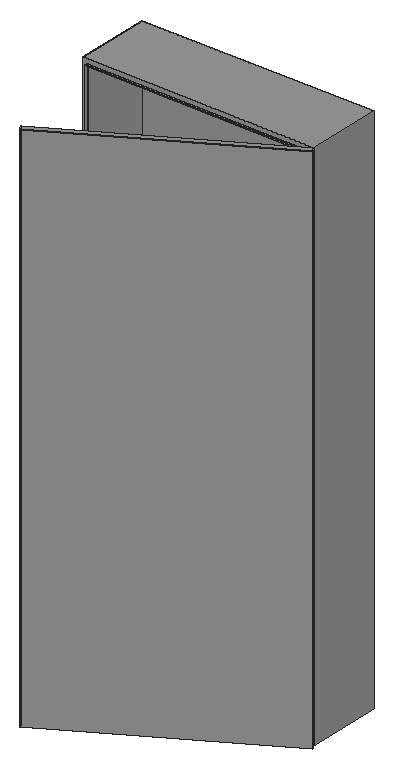
Revit family "Hager-Univers-IP41-D275-H1850-Cl.I-Steel_encl-NoHosted-PL-pl", category Electrical Equipment, Revit 2020
Family settings
  Panel Configuration = Two Columns, Circuits Across
  Round Connector Dimension = Use Diameter
  Part Type = Panelboard
  Work Plane-Based = Yes
  Always vertical = Yes
  Cut with Voids When Loaded = No
  Shared = No
  Room Calculation Point = No
Parameters (values of type "Montaż natynkowy IP41 S800 W1850 G275  - FS23E")
  Width Control [instance] = if([EF000008 - Szerokość] > Min Width, [EF000008 - Szerokość], Min Width)  # 800 mm
  Type Comments = [HG000003 - Zakres]  # "Univers"
  Thickness Door [instance] = if([EF009171 - Drzwi/pokrywa z materiału o wysokiej wytrzymałości mechanicznej] > 3 mm, 3 mm, [EF009171 - Drzwi/pokrywa z materiału o wysokiej wytrzymałości mechanicznej])  # 1.5 mm
  Seal Frame Offset [instance] = 17 mm  # constant formula
  Plinth Visibility [instance] = [HG000027 - Wysokość cokołu] > 0 mm  # no
  Min Width [instance] = 100 mm  # constant formula
  Min Depth [instance] = (2 * [EF009170 - Obudowa z materiału o wysokiej wytrzymałości mechanicznej]) + 1 mm  # 4 mm
  Min Height [instance] = 100 mm  # constant formula
  Internal Frame Depth [instance] = (Door System Depth * 0.5)  # 9 mm
  Panel Name [instance] = ""  # (empty or 0)
  Model = ""
  HG000027 - Wysokość cokołu = 0 mm
  HG000026 - Stojąca = no
  HG000024 - Wysokość części dolnej = 600 mm
  HG000023 - Obudowa dwusekcyjna = no
  HG000016 - Widoczność drzwi w widoku 3D [instance] = yes
  HG000015 - Przestrzeń robocza - otwarcie drzwi [instance] = no
  HG000014 - Drzwi prawe [instance] = yes
  HG000013 - Drzwi lewe [instance] = not([HG000014 - Drzwi prawe])  # no
  HG000012 - Kąt otwarcia drzwi [instance] = 30.00°
  HG000010 - Drzwi asymetryczne = no
  HG000009 - Drzwi dwuskrzydłowe = no
  HG000006 - Montaż podtynkowy = no
  HG000004 - Referencja producenta = "FS23E"
  HG000003 - Zakres = "Univers"
  HG000002 - Z drzwiami lub pokrywą = yes
  Frame Offset Bottom [instance] = 10 mm  # constant formula
  Frame Offset [instance] = 15 mm  # constant formula
  EF015940 - Pokrywa z wyzwalaczem nadciśnieniowym = no
  EF011959 - Stopień ochrony (NEMA) = ""
  EF009554 - Liczba otworów pod flansze = 6
  EF009212 - Wykonanie pokrywy = "EV000116 - Zamknięty"
  EF009171 - Drzwi/pokrywa z materiału o wysokiej wytrzymałości mechanicznej = 1.5 mm
  EF009170 - Obudowa z materiału o wysokiej wytrzymałości mechanicznej = 1.5 mm
  EF008873 - Prąd znamionowy (In) = 630 A
  EF007800 - Do ochrony odgromowej = no
  EF006306 - Z zamkiem = no
  EF006244 - Transparentna pokrywa/drzwi = no
  EF005474 - Stopień ochrony (IP) = "EV006416 - IP41"
  EF004464 - Rodzaj drzwi = "EV002646 - Pojedynczy"
  EF004427 - Liczba modułów = 432
  EF004293 - Odporność udarowa = "EV006813 - IK07"
  EF003532 - Do zastosowań zewnętrznych = no
  EF002950 - Szerokość wyrażona liczbą modułów = 24
  EF001613 - Podtrzymanie funkcji = "EV000494 - Brak"
  EF001596 - Materiał obudowy = "EV000179 - Stal"
  EF001131 - Głębokość wewnętrzna = 275 mm
  EF001088 - Możliwość rozbudowy = yes
  EF000437 - Liczba wejść kablowych = 6
  EF000339 - Rodzaj pokrywy = "EV004216 - Drzwi"
  EF000266 - Liczba rzędów = 12
  EF000218 - Głębokość wbudowania = 0 mm
  EF000118 - Z płytą montażową = no
  EF000116 - Numer RAL = "7035"
  EF000049 - Głębokość = 275 mm
  EF000040 - Wysokość = 1850 mm
  EF000008 - Szerokość = 800 mm
  EF000007 - Kolor = "EV000270 - Szary"
  EF000003 - Sposób montażu = "EV000384 - Montaż natynkowy"
  Door System Leaf Tolerance [instance] = 1.5 mm  # constant formula
  Door System Depth [instance] = 18 mm  # constant formula
  Door Height [instance] = Height Control - [HG000027 - Wysokość cokołu]  # 1850 mm
  Description = ""
  Default Elevation = 1219.2 mm
  Connector Offset [instance] = Height Control / 2  # 925 mm
  Manufacturer = "Hager"  # constant formula
  Height Control [instance] = if([EF000040 - Wysokość] > Min Height, [EF000040 - Wysokość], Min Height)  # 1850 mm
  Depth Control [instance] = if([EF000049 - Głębokość] > Min Depth, [EF000049 - Głębokość], Min Depth)  # 275 mm
  Bottom Top Plate Trim [instance] = 1.5 mm  # constant formula
  Plinth height Ctrl [instance] = if([HG000027 - Wysokość cokołu] > 0 mm, [HG000027 - Wysokość cokołu], 12 mm)  # 12 mm
Types (5, lengths in mm): name | Width Control | HG000009 - Drzwi dwuskrzydłowe | HG000004 - Referencja producenta | EF009554 - Liczba otworów pod flansze | EF004464 - Rodzaj drzwi | EF004427 - Liczba modułów | EF000437 - Liczba wejść kablowych | EF000008 - Szerokość
  Montaż natynkowy IP41 S1050 W1850 G275  - FS24E | 1050 | yes | "FS24E" | 8 | "EV003602 - Podwójny" | 576 | 8 | 1050
  Montaż natynkowy IP41 S1300 W1850 G275  - FS25E | 1300 | yes | "FS25E" | 10 | "EV003602 - Podwójny" | 720 | 10 | 1300
  Montaż natynkowy IP41 S300 W1850 G275  - FS21E | 300 | no | "FS21E" | 2 | "EV002646 - Pojedynczy" | 144 | 2 | 300
  Montaż natynkowy IP41 S550 W1850 G275  - FS22E | 550 | no | "FS22E" | 4 | "EV002646 - Pojedynczy" | 288 | 4 | 550
  Montaż natynkowy IP41 S800 W1850 G275  - FS23E | 800 | no | "FS23E" | 6 | "EV002646 - Pojedynczy" | 432 | 6 | 800
Reference planes
  plane 1 "Center (Front/Back)": y = 0
  plane 2: z = 0
  plane 3 "Center (Left/Right)": x = 0
  plane 4: y = 0
  plane 5: y = 0
  plane 6: z = 0
  plane 7: x = -400
  plane 8: x = 400
  plane 9: x = 398.5
  plane 10: x = -398.5
  plane 11: z = 0
  plane 12: z = 1.5
  plane 13: y = -275
  plane 14: y = -1.5
  plane 15: x = 0
  plane 16: y = -257
  plane 17: y = -273.5
  plane 18: y = -255.5
  plane 19: x = -383.5
  plane 20: x = 383.5
  plane 21: z = 11.5
  plane 22: x = -383
  plane 23: x = 383
  plane 24: z = 0
  plane 25: z = 1850
  plane 26: z = 1850
  plane 27: z = 1833.5
  plane 28: z = 1848.5
Forms (mm)
  Extrusion 1, solid, material "Hager_Steel_RAL7035_Light_Grey", detail levels medium+fine
    sketch origin (-208.679, -4572, 0) x (-1, 0, 0) y (0, -1, 0)
      loop
        line (191.321, -4315) -> (-608.679, -4315) -> (-608.679, -4572) -> (191.321, -4572) -> (191.321, -4315)
    from 0 to 1850
  Extrusion 2, void
    sketch origin (-350.771, -275, 1219.2) x (1, 0, 0) y (0, 0, 1)
      loop
        line (-47.729, 629.3) -> (-47.729, -1217.7) -> (749.271, -1217.7) -> (749.271, 629.3) -> (-47.729, 629.3)
    from -19.5 to -273.5
  Extrusion 3, void
    sketch origin (-290.084, -257, 1219.2) x (1, 0, 0) y (0, 0, 1)
      loop
        line (-93.416, -1207.7) -> (673.584, -1207.7) -> (673.584, 614.3) -> (-93.416, 614.3) -> (-93.416, -1207.7)
    from 0 to -1.5
  Extrusion 4, solid, material "Hager_Steel_RAL7035_Light_Grey", visible <- "Plinth Visibility", detail levels medium+fine
    sketch origin (0, 0, 0) x (1, 0, 0) y (0, 1, 0)
      loop
        line (-400, 0) -> (-400, -257) -> (400, -257) -> (400, 0) -> (-400, 0)
    from 0 to 12 <- "Plinth height Ctrl"
  Extrusion 5, solid, material "Hager_Steel_RAL7035_Light_Grey", detail levels coarse
    sketch origin (0, 0, 0) x (1, 0, 0) y (0, 1, 0)
      loop
        line (-400, 0) -> (-400, -275) -> (400, -275) -> (400, 0) -> (-400, 0)
    from 0 to 1850 <- "Height Control"
  Sweep 6, void
    path in 3D
      loop
        line (-400, -257, 12) -> (400, -257, 12) -> (400, 0, 12) -> (-400, 0, 12) -> (-400, -257, 12)
    profile origin (-400, -128.5, 12) x (1, 0, 0) y (0, 0, 1)
      loop
        line (0, 0) -> (0, -1.5) -> (1.5, -1.5)
        arc (1.5, -1.5) -> (1.061, -0.439) -> (0, 0) r 1.5
  Extrusion 7, solid, material "Hager_Steel_RAL7035_Light_Grey", detail levels fine
    sketch origin (-400, -257, 0) x (1, 0, 0) y (0, 0, 1)
      loop
        line (16.5, 11.5) -> (783.5, 11.5) -> (783.5, 1833.5) -> (16.5, 1833.5) -> (16.5, 11.5)
      loop
        line (15, 10) -> (785, 10) -> (785, 1835) -> (15, 1835) -> (15, 10)
    from 0 to 9 <- "Internal Frame Depth"
Cuts and joins
  Extrusion 2, Extrusion 3 cuts Extrusion 1
  Sweep 6 cuts Extrusion 4
Lines and regions (mm)
  Masking region 1
    outline origin (0, 0, 0) x (1, 0, 0) y (0, 1, 0)
      loop
        line (-400, 0) -> (-400, -275) -> (400, -275) -> (400, 0) -> (-400, 0)
  Masking region 2, detail levels coarse
    outline origin (-290.084, -257, 1219.2) x (-1, 0, 0) y (0, 0, 1)
      loop
        line (-690.084, -1219.2) -> (109.916, -1219.2) -> (109.916, 630.8) -> (-690.084, 630.8) -> (-690.084, -1219.2)
  Masking region 3, detail levels coarse
    outline origin (0, 0, 0) x (0, 1, 0) y (0, 0, 1)
      loop
        line (0, 0) -> (0, 1850) -> (-275, 1850) -> (-275, 0) -> (0, 0)
  Masking region 4, visible <- "Plinth Visibility", detail levels medium+fine
    outline origin (0, 0, 0) x (0, 1, 0) y (0, 0, 1)
      loop
        line (-1.5, 12) -> (-255.5, 12)
        arc (-255.5, 12) -> (-255.939, 10.939) -> (-257, 10.5) r 1.5
        line (-257, 10.5) -> (-257, 0) -> (0, 0) -> (0, 10.5)
        arc (0, 10.5) -> (-1.061, 10.939) -> (-1.5, 12) r 1.5
  Masking region 5, detail levels medium+fine
    outline origin (0, 0, 594.038) x (0, 1, 0) y (0, 0, 1)
      loop
        line (0, -594.038) -> (0, 1255.962) -> (-257, 1255.962) -> (-257, -594.038) -> (0, -594.038)
  Masking region 6, detail levels medium+fine
    outline origin (-359.7, -257, 1211.883) x (-1, 0, 0) y (0, 0, 1)
      loop
        line (-759.7, -1211.883) -> (40.3, -1211.883) -> (40.3, 638.117) -> (-759.7, 638.117) -> (-759.7, -1211.883)
  Masking region 7, visible <- "Plinth Visibility", detail levels medium+fine
    outline origin (-320.334, -257, 1041.368) x (-1, 0, 0) y (0, 0, 1)
      loop
        line (-720.334, -1041.368) -> (79.666, -1041.368) -> (79.666, -1030.868)
        arc (79.666, -1030.868) -> (78.606, -1030.429) -> (78.166, -1029.368) r 1.5
        line (78.166, -1029.368) -> (-718.834, -1029.368)
        arc (-718.834, -1029.368) -> (-719.273, -1030.429) -> (-720.334, -1030.868) r 1.5
        line (-720.334, -1030.868) -> (-720.334, -1041.368)
  sketch lines
    curve 1: line (-400, 0, 12) -> (-400, -257, 12)
    curve 2: line (-400, -257, 12) -> (400, -257, 12)
    curve 3: line (400, 0, 12) -> (-400, 0, 12)
    curve 4: line (400, -257, 12) -> (400, 0, 12)
Dimensions and locks
  locked: plane 1 "Center (Front/Back)" to plane 5
  "EF009170 - Obudowa z materiału o wysokiej wytrzymałości mechanicznej": plane 7 to plane 10
  "EF009170 - Obudowa z materiału o wysokiej wytrzymałości mechanicznej": plane 8 to plane 9
  equal spacing: plane 7, plane 3 "Center (Left/Right)", plane 8
  "Width Control": plane 7 to plane 8
  "Depth Control": plane 4 to plane 13
  "EF009170 - Obudowa z materiału o wysokiej wytrzymałości mechanicznej": plane 4 to plane 14
  "Height Control": plane 25 to level
  "HG000027 - Wysokość cokołu": plane 11 to level
  "EF009170 - Obudowa z materiału o wysokiej wytrzymałości mechanicznej": plane 12 to plane 11
  "EF009170 - Obudowa z materiału o wysokiej wytrzymałości mechanicznej": plane 17 to plane 13
  "EF009170 - Obudowa z materiału o wysokiej wytrzymałości mechanicznej": plane 18 to plane 16
  "Frame Offset Bottom": plane 21 to plane 12
  "Frame Offset": plane 10 to plane 19
  "Frame Offset": plane 9 to plane 20
  "Door System Depth": plane 16 to plane 13
  "Seal Frame Offset": plane 7 to plane 22
  "Seal Frame Offset": plane 8 to plane 23
  "EF009170 - Obudowa z materiału o wysokiej wytrzymałości mechanicznej": plane 26 to plane 28
  "Frame Offset": plane 28 to plane 27
  "Connector Offset": plane 2 to connector elem
  "Bottom Top Plate Trim": profile plane to Sweep 6 sketch curve
  "Bottom Top Plate Trim": Sweep 6 sketch curve to Sweep 6 sketch curve
  "Plinth height Ctrl": Masking region 4 sketch curve to level
  "Plinth height Ctrl": Masking region 7 sketch curve to level
  "Thickness Door": Extrusion 7 sketch curve to Extrusion 7 sketch curve  (x4)
  "Bottom Top Plate Trim": radius of Sweep 6 sketch curve
  "Bottom Top Plate Trim": radius of Masking region 4 sketch curve  (x2)
  "Bottom Top Plate Trim": radius of Masking region 7 sketch curve  (x2)
  aligned and locked: Extrusion 2 sketch curve to plane 12
  aligned and locked: Extrusion 2 sketch curve to plane 9
  aligned and locked: Extrusion 2 sketch curve to plane 10
  aligned and locked: Extrusion 2 to plane 14
  aligned and locked: Extrusion 1 sketch curve to plane 4
  aligned and locked: plane 8 to Extrusion 1 sketch curve
  aligned and locked: plane 7 to Extrusion 1 sketch curve
  aligned and locked: Extrusion 2 to plane 18
  aligned and locked: Extrusion 3 sketch curve to plane 19
  aligned and locked: plane 20 to Extrusion 3 sketch curve
  aligned and locked: Extrusion 3 to Extrusion 2
  aligned and locked: Extrusion 3 sketch curve to plane 21
  aligned and locked: plane 3 "Center (Left/Right)" to nested 1
  aligned and locked: Extrusion 1 sketch curve to plane 16
  aligned and locked: Extrusion 4 sketch curve to cut or joined group of Extrusion 1, Extrusion 2, Extrusion 3
  aligned and locked: Masking region 1 sketch curve to plane 7
  aligned and locked: Masking region 1 sketch curve to plane 5
  aligned and locked: Masking region 1 sketch curve to plane 8
  aligned and locked: Masking region 2 sketch curve to level
  aligned and locked: level to Masking region 3 sketch curve
  aligned and locked: plane 1 "Center (Front/Back)" to Masking region 3 sketch curve
  aligned and locked: plane 13 to Masking region 3 sketch curve
  aligned and locked: plane 5 to Masking region 4 sketch curve
  aligned and locked: Masking region 2 sketch curve to plane 8
  aligned and locked: Masking region 2 sketch curve to plane 7
  aligned and locked: plane 7 to nested 2
  aligned and locked: nested 2 to plane 5
  aligned and locked: plane 5 to Masking region 5 sketch curve
  aligned and locked: plane 26 to Masking region 5 sketch curve
  aligned and locked: Extrusion 5 sketch curve to plane 8
  aligned and locked: Extrusion 5 sketch curve to plane 7
  aligned and locked: Extrusion 5 sketch curve to plane 5
  aligned and locked: Extrusion 3 sketch curve to plane 27
  aligned and locked: Extrusion 2 sketch curve to plane 28
  aligned and locked: Masking region 2 to plane 25
  aligned and locked: Extrusion 4 to plane 16
  aligned and locked: profile plane to Sweep 6 sketch curve
  aligned and locked: Masking region 5 sketch curve to plane 24
  aligned and locked: level to Masking region 4 sketch curve
  aligned and locked: Masking region 1 to plane 13
  aligned and locked: nested 1 to plane 16
  aligned and locked: Masking region 3 to plane 25
  aligned and locked: plane 16 to Masking region 4 sketch curve
  aligned and locked: Masking region 5 sketch curve to plane 16
  aligned and locked: plane 24 to plane 11
  aligned and locked: plane 26 to plane 25
  aligned and locked: plane 26 to cut or joined group of Extrusion 1, Extrusion 2, Extrusion 3
  aligned and locked: nested 1 to plane 24
  aligned and locked: Extrusion 1 to Extrusion 3
  aligned and locked: Masking region 6 sketch curve to plane 8
  aligned and locked: Masking region 6 sketch curve to plane 24
  aligned and locked: Masking region 6 sketch curve to plane 7
  aligned and locked: Masking region 6 sketch curve to plane 26
  aligned and locked: Masking region 7 sketch curve to plane 7
  aligned and locked: level to Masking region 7 sketch curve
  aligned and locked: Masking region 7 sketch curve to plane 8
  aligned and locked: Extrusion 7 sketch curve to cut or joined group of Extrusion 1, Extrusion 2, Extrusion 3  (x4)
Automatic sketch dimensions
  plane 19 to Extrusion 3 sketch curve = 0 mm
  Extrusion 3 sketch curve to plane 20 = 0 mm
  Extrusion 3 sketch curve to plane 21 = 0 mm
  Extrusion 4 sketch curve to plane 7 = 0 mm
  Extrusion 4 sketch curve to plane 8 = 0 mm
  Extrusion 4 sketch curve to plane 16 = 0 mm
  Masking region 1 sketch curve to plane 13 = 0 mm
  Masking region 2 sketch curve to plane 25 = 0 mm
  Masking region 3 sketch curve to plane 25 = 0 mm
  Extrusion 5 sketch curve to plane 13 = 0 mm
  profile plane to Sweep 6 sketch curve = 0 mm
Nested families
  nested 1: "EC000058_Univers_Door" at (0, -257, 0), Double <- "HG000009 - Drzwi dwuskrzydłowe", Transparent <- "EF006244 - Transparentna pokrywa/drzwi", Angle <- "HG000012 - Kąt otwarcia drzwi", Door_Right <- "HG000014 - Drzwi prawe", Assymetrical <- "HG000010 - Drzwi asymetryczne", Door <- "HG000002 - Z drzwiami lub pokrywą", Width_Ctrl <- "Width Control", 3d_Door <- "HG000016 - Widoczność drzwi w widoku 3D", Clearance <- "HG000015 - Przestrzeń robocza - otwarcie drzwi", Door_Left <- "HG000013 - Drzwi lewe", Width <- "Width Control", Door_Depth <- "Door System Depth", Leaf_Tolerance <- "Door System Leaf Tolerance", Height <- "Door Height", Lock_Visibility <- "EF006306 - Z zamkiem", Thickness <- "Thickness Door", type "EC000058_Univers_Door", detail levels medium+fine
    with min_wh 4 mm, Width_Ctrl 800 mm, Width 800 mm, Transparent no, Thickness 1.5 mm, Seal_Material Hager_Rubber, Lock_Visibility no, Lock_Material Hager_Plastic_RAL9005_Jet_Black, Leaf_Width 800 mm, Leaf_Tolerance_External_Sides 0 mm, Leaf_Tolerance 1.5 mm, Leaf_Offset 0 mm, Leaf_Height 1847 mm, Leaf_2_Width 800 mm, Leaf_2_Offset 400 mm, Leaf_1_Width 800 mm, Leaf_1_Offset 400 mm, Height_Ctrl 1850 mm, Height 1850 mm, Glass_Material Hager_Glass, Double_Clearance_Ctrl no, Double no, Door_Right_Ctrl yes, Door_Right yes, Door_Material Hager_Steel_RAL7035_Light_Grey, Door_Left_Ctrl no, Door_Left no, Door_Depth 18 mm, Door yes, Clearance_Material Hager_Clearance, Clearance_Depth 800 mm, Clearance_Ctrl no, Clearance no, Assymetrical no, Angle 30.00°, 3d_Door yes
  nested 2: "Hager_Enclosure_Symbol" at (-400, 0, 0), Height <- "Depth Control", Width <- "Width Control", type "Hager_Enclosure_Symbol"
    with Width_Ctrl 800 mm, Width 800 mm, Height_Ctrl 275 mm, Height 275 mm, A_Width_Int 18.047 mm, A_Width 216.562 mm, A_Height_Ctrl 240.625 mm, A_Height 240.625 mm
Connectors
  electrical at (0, 0, 925)
    settings: on plane 1 "Center (Front/Back)", index 1, voltage 0 V, apparent load 0 VA, apparent load phase1 0 VA, apparent load phase2 0 VA, apparent load phase3 0 VA, power factor 1, load classification "Other", number of poles 1, system type 30, power factor state 1, is connector primary yes, connector utility no, sub classification motor no, connector description ""
Definition of nested family "EC000058_Univers_Door"
  Parameters (values of type "EC000058_Univers_Door")
    min_wh [instance] = (2 * Thickness) + 1 mm  # 11 mm
    Width_Ctrl [instance] = 400 mm
    Width [instance] = 500 mm
    Transparent [instance] = yes
    Thickness [instance] = 5 mm
    Seal_Material [instance] = none
    Lock_Visibility [instance] = yes
    Lock_Material [instance] = none
    Leaf_Width [instance] = if((Width_Ctrl - 2 * Leaf_Tolerance_External_Sides) > 0 mm, (Width_Ctrl - 2 * Leaf_Tolerance_External_Sides), min_wh)  # 400 mm
    Leaf_Tolerance_External_Sides [instance] = 0 mm  # constant formula
    Leaf_Tolerance [instance] = 1.5 mm
    Leaf_Offset [instance] = 0 mm  # constant formula
    Leaf_Height [instance] = if((Height_Ctrl - 2 * Leaf_Tolerance) > 0 mm, (Height_Ctrl - 2 * Leaf_Tolerance), min_wh)  # 497 mm
    Leaf_2_Width [instance] = if(and(and(Double, Assymetrical), Door_Left), (Leaf_Width / 3) - (Leaf_Tolerance / 2), if(and(and(Double, Assymetrical), Door_Right), (Leaf_Width / 3) * 2 - (Leaf_Tolerance / 2), if(and(Double, not(Assymetrical)), (Leaf_Width / 2) - Leaf_Tolerance, Leaf_Width)))  # 400 mm
    Leaf_2_Offset [instance] = if(and(Double, Assymetrical), Leaf_2_Width / 2, if(and(Double, not(Assymetrical)), Leaf_Width / 4, Leaf_Width / 2))  # 200 mm
    Leaf_1_Width [instance] = if(and(and(Double, Assymetrical), Door_Right), (Leaf_Width / 3) - (Leaf_Tolerance / 2), if(and(and(Double, Assymetrical), Door_Left), (Width / 3) * 2 - (Leaf_Tolerance / 2), if(and(Double, not(Assymetrical)), (Leaf_Width / 2) - Leaf_Tolerance, Leaf_Width)))  # 400 mm
    Leaf_1_Offset [instance] = if(and(Double, Assymetrical), Leaf_1_Width / 2, if(and(Double, not(Assymetrical)), Leaf_Width / 4, Leaf_Width / 2))  # 200 mm
    Height_Ctrl [instance] = if(Height > min_wh, Height, min_wh)  # 500 mm
    Height [instance] = 500 mm
    Glass_Material [instance] = none
    Double_Clearance_Ctrl [instance] = and(Double, Clearance)  # no
    Double [instance] = no
    Door_Right_Ctrl [instance] = and(or(Door_Right, Double), Door)  # yes
    Door_Right [instance] = yes
    Door_Material [instance] = none
    Door_Left_Ctrl [instance] = and(or(Door_Left, Double), Door)  # no
    Door_Left [instance] = no
    Door_Depth [instance] = 30 mm
    Door [instance] = yes
    Default Elevation = 1219.2 mm
    Clearance_Material [instance] = none
    Clearance_Depth [instance] = if(Leaf_1_Width > Leaf_2_Width, Leaf_1_Width, Leaf_2_Width)  # 400 mm
    Clearance_Ctrl [instance] = and(not(Double), Clearance)  # yes
    Clearance [instance] = yes
    Assymetrical [instance] = yes
    Angle [instance] = 30.00°
    3d_Door [instance] = yes
  Reference planes
    plane 1 "Center (Front/Back)": y = 0
    plane 2 "Bottom": z = 0
    plane 3 "Center (Left/Right)": x = 0
    plane 4: z = 500
    plane 5: x = -200
    plane 6: x = 200
    plane 7: z = 500
    plane 8: x = -200
    plane 9: z = 0
    plane 10: x = 200
    plane 11: y = 0
    plane 12: z = 1.5
    plane 13: x = -600
    plane 14: y = -400
    plane 15: x = 600
    plane 16: x = 0
    plane 17: x = 0
    plane 18: x = -200
    plane 19: x = 200
    plane 20: z = 498.5
  Forms (mm)
    Extrusion 1, solid, material <- "Clearance_Material", visible <- "Double_Clearance_Ctrl"
      sketch origin (1200, 0, 0) x (1, 0, 0) y (0, 0, -1)
        loop
          line (-1800, -498.5) -> (-600, -498.5) -> (-600, 0) -> (-1800, 0) -> (-1800, -498.5)
      from 0 to -400
  Dimensions and locks
    equal spacing: plane 5, plane 3 "Center (Left/Right)", plane 6
    "Width_Ctrl": plane 5 to plane 6
    "Leaf_Offset": plane 5 to plane 8
    "Leaf_Offset": plane 6 to plane 10
    "Leaf_Offset": plane 9 to level
    "Leaf_Offset": plane 4 to plane 7
    "Height_Ctrl": plane 4 to level
    "Leaf_Tolerance": plane 12 to plane 9
    locked: plane 11 to plane 1 "Center (Front/Back)"
    "Leaf_1_Offset": plane 18 to plane 16
    "Leaf_2_Offset": plane 17 to plane 19
    "Leaf_1_Width": plane 13 to plane 8
    "Leaf_2_Width": plane 10 to plane 15
    "Clearance_Depth": plane 14 to plane 1 "Center (Front/Back)"
    "Leaf_Tolerance_External_Sides": plane 8 to plane 18
    "Leaf_Tolerance_External_Sides": plane 19 to plane 10
    "Leaf_Tolerance": plane 7 to plane 20
    aligned and locked: level to plane 2 "Bottom"
    aligned and locked: nested 1 to plane 16
    aligned and locked: nested 2 to plane 17
    aligned and locked: Extrusion 1 to plane 13
    aligned and locked: plane 15 to Extrusion 1
    aligned and locked: Extrusion 1 to plane 14
    aligned and locked: plane 12 to nested 1
    aligned and locked: nested 2 to plane 12
    aligned and locked: Extrusion 1 to plane 11
    aligned and locked: plane 20 to Extrusion 1
    aligned and locked: nested 2 to plane 11
    aligned and locked: nested 1 to plane 11
  Automatic sketch dimensions
    Extrusion 1 sketch curve to level = 0 mm
    plane 5 to Extrusion 1 sketch curve = 400 mm
    plane 6 to Extrusion 1 sketch curve = 400 mm
    Extrusion 1 sketch curve to plane 4 = 1.5 mm
  Nested families
    nested 1: "EC000058_Univers_Door_Leaf" at (0, 0, 1.5), Width <- "Leaf_1_Width", visible <- "Door_Left_Ctrl", Leaf_Height <- "Leaf_Height", Angle <- "Angle", 3d_Door <- "3d_Door", Transparent <- "Transparent", Clearance Material <- "Clearance_Material", Clearance <- "Clearance_Ctrl", Door_Material <- "Door_Material", Glass_Material <- "Glass_Material", Door_Depth <- "Door_Depth", Lock_Material <- "Lock_Material", Seal_Material <- "Seal_Material", Lock_Visibility <- "Lock_Visibility", Thickness <- "Thickness", type "EC000058_Univers_Door_Leaf"
      with Width 400 mm, Transparent_Glass_Offset 30 mm, Transparent_Ctrl yes, Transparent yes, Thickness 5 mm, Standard no, Seal_Material none, Seal_D2 8 mm, Seal_D1 1 mm, Offset_Internal_Frame 10 mm, Lock_Width 20 mm, Lock_Visibility_3d yes, Lock_Visibility yes, Lock_Thickness_3 3 mm, Lock_Thickness_2 1 mm, Lock_Thickness_1 3 mm, Lock_Radius_Offset_2 16 mm, Lock_Radius_Offset_1 15 mm, Lock_Radius_2 5 mm, Lock_Radius 6 mm, Lock_Offset 5 mm, Lock_Material none, Lock_Height 80 mm, Lock_Cover_Top_Offset_2d 17 mm, Lock_Cover_Height -65 mm, Leaf_Height 497 mm, Internal_Seal_Thickness 8 mm, Internal_Seal_Depth_2 4.5 mm, Internal_Frame_Depth 25 mm, Glass_Thickness -1 mm, Glass_Offset -2 mm, Glass_Material none, Door_Material none, Door_Depth 30 mm, Clearance Material none, Clearance yes, Angle_Ctrl 30.00°, Angle 30.00°, 3d_Door yes
    nested 2: "EC000058_Univers_Door_Leaf" at (0, 0, 1.5) x (-1, 0, 0) z (0, 0, 1), Width <- "Leaf_2_Width", visible <- "Door_Right_Ctrl", Leaf_Height <- "Leaf_Height", Angle <- "Angle", 3d_Door <- "3d_Door", Transparent <- "Transparent", Clearance Material <- "Clearance_Material", Clearance <- "Clearance_Ctrl", Door_Material <- "Door_Material", Glass_Material <- "Glass_Material", Door_Depth <- "Door_Depth", Lock_Material <- "Lock_Material", Seal_Material <- "Seal_Material", Lock_Visibility <- "Lock_Visibility", Thickness <- "Thickness", type "EC000058_Univers_Door_Leaf"
      with Width 400 mm, Transparent_Glass_Offset 30 mm, Transparent_Ctrl yes, Transparent yes, Thickness 5 mm, Standard no, Seal_Material none, Seal_D2 8 mm, Seal_D1 1 mm, Offset_Internal_Frame 10 mm, Lock_Width 20 mm, Lock_Visibility_3d yes, Lock_Visibility yes, Lock_Thickness_3 3 mm, Lock_Thickness_2 1 mm, Lock_Thickness_1 3 mm, Lock_Radius_Offset_2 16 mm, Lock_Radius_Offset_1 15 mm, Lock_Radius_2 5 mm, Lock_Radius 6 mm, Lock_Offset 5 mm, Lock_Material none, Lock_Height 80 mm, Lock_Cover_Top_Offset_2d 17 mm, Lock_Cover_Height -65 mm, Leaf_Height 497 mm, Internal_Seal_Thickness 8 mm, Internal_Seal_Depth_2 4.5 mm, Internal_Frame_Depth 25 mm, Glass_Thickness -1 mm, Glass_Offset -2 mm, Glass_Material none, Door_Material none, Door_Depth 30 mm, Clearance Material none, Clearance yes, Angle_Ctrl 30.00°, Angle 30.00°, 3d_Door yes
  Definition of nested family "EC000058_Univers_Door_Leaf"
    Parameters (values of type "EC000058_Univers_Door_Leaf")
      Width [instance] = 2000 mm
      Transparent_Glass_Offset [instance] = 30 mm
      Transparent_Ctrl [instance] = and(Transparent, [3d_Door])  # yes
      Transparent [instance] = yes
      Thickness [instance] = 5 mm
      Standard [instance] = and(not(Transparent), [3d_Door])  # no
      Seal_Material [instance] = none
      Seal_D2 [instance] = 8 mm  # constant formula
      Seal_D1 [instance] = 1 mm  # constant formula
      Offset_Internal_Frame [instance] = 10 mm  # constant formula
      Lock_Width [instance] = 20 mm  # constant formula
      Lock_Visibility_3d [instance] = and(Lock_Visibility, [3d_Door])  # yes
      Lock_Visibility [instance] = yes
      Lock_Thickness_3 [instance] = 3 mm  # constant formula
      Lock_Thickness_2 [instance] = 1 mm  # constant formula
      Lock_Thickness_1 [instance] = 3 mm  # constant formula
      Lock_Radius_Offset_2 [instance] = Lock_Radius_Offset_1 + 1 mm  # 16 mm
      Lock_Radius_Offset_1 [instance] = 15 mm  # constant formula
      Lock_Radius_2 [instance] = Lock_Radius - 1 mm  # 5 mm
      Lock_Radius [instance] = 6 mm  # constant formula
      Lock_Offset [instance] = 5 mm  # constant formula
      Lock_Material [instance] = none
      Lock_Height [instance] = 80 mm  # constant formula
      Lock_Cover_Top_Offset_2d [instance] = Lock_Radius_Offset_2 + 1 mm  # 17 mm
      Lock_Cover_Height [instance] = -(Lock_Height - Lock_Radius_Offset_1)  # -65 mm
      Leaf_Height [instance] = 2720.336 mm
      Internal_Seal_Thickness [instance] = 8 mm  # constant formula
      Internal_Seal_Depth_2 [instance] = 4.5 mm  # constant formula
      Internal_Frame_Depth [instance] = if(Door_Depth - Thickness > 5 mm, Door_Depth - Thickness, 5 mm)  # 25 mm
      Glass_Thickness [instance] = if(Thickness > 15 mm, Glass_Offset + 10 mm, -1 mm)  # -1 mm
      Glass_Offset [instance] = if(Thickness > 15 mm, -(Thickness + 10 mm) / 2, -2 mm)  # -2 mm
      Glass_Material [instance] = none
      Door_Material [instance] = none
      Door_Depth [instance] = 30 mm
      Default Elevation = 0 mm
      Clearance Material [instance] = none
      Clearance [instance] = yes
      Angle_Ctrl [instance] = if(Angle > 180.00°, 180.00°, Angle)  # 90.00°
      Angle [instance] = 90.00°
      3d_Door [instance] = yes
    Reference planes
      plane 1 "Center (Front/Back)": y = 0
      plane 2: z = 0
      plane 3 "Center (Left/Right)": x = 0
      plane 4: y = 2000
      plane 5: x = -1000
      plane 6: x = 1000
      plane 7: x = -3000
      plane 8: z = 2720.336
      plane 9: z = 30
      plane 10: z = 2690.336
      plane 11: x = 970
      plane 12: x = -970
      plane 13: y = -3
      plane 14: z = 107.833
      plane 15: y = -5
      plane 16: y = -223.314
      plane 17: x = -1000
      plane 18: z = 1360.168
      plane 19: y = 30
    Forms (mm)
      Extrusion 1, solid, material <- "Clearance Material", visible <- "Clearance"
        sketch origin (0, 0, 0) x (1, 0, 0) y (0, 0, 1)
          loop
            line (-3000, 2720.336) -> (-3000, 0) -> (1000, 0) -> (1000, 2720.336) -> (-3000, 2720.336)
        from 0 to -2000
      Extrusion 2, solid, material <- "Door_Material", visible <- "Standard", detail levels medium+fine
        sketch origin (-1000, 0, 0) x (0, 1, 0) y (-1, 0, 0)
          loop
            line (0, 30) -> (0, 25) -> (2000, 25) -> (2000, 30) -> (0, 30)
        from 0 to 2720.336 <- "Leaf_Height"
      Extrusion 3, solid, material <- "Door_Material", visible <- "Transparent_Ctrl", detail levels medium+fine
        sketch origin (-1000, 0, 0) x (0, 1, 0) y (-1, 0, 0)
          loop
            line (0, 25) -> (2000, 25) -> (2000, 30) -> (0, 30) -> (0, 25)
        from 0 to 2720.336 <- "Leaf_Height"
      Extrusion 4, void
        sketch origin (-1025, 2000, 0) x (0, 1, 0) y (0, 0, -1)
          loop
            line (-30, -2690.336) -> (-30, -30) -> (-1970, -30) -> (-1970, -2690.336) -> (-30, -2690.336)
        from 0 to 5 <- "Thickness"
      Sweep 5, solid, material <- "Seal_Material", visible <- "Transparent_Ctrl", detail levels fine
        path in 3D
          loop
            line (-1025, 30, 30) -> (-1025, 30, 2690.336) -> (-1025, 1970, 2690.336) -> (-1025, 1970, 30) -> (-1025, 30, 30)
        profile origin (-1025, 1000, 30) x (1, 0, 0) y (0, 0, 1)
          loop
            line (0, 0) -> (0, -8) -> (1, -8) -> (1, 0) -> (0, 0)
      Extrusion 6, solid, material <- "Glass_Material", visible <- "Transparent_Ctrl", detail levels medium+fine
        sketch origin (-1030, 0, 0) x (0, 1, 0) y (0, 0, -1)
          loop
            line (1970, -2690.336) -> (1970, -30) -> (30, -30) -> (30, -2690.336) -> (1970, -2690.336)
        from -2 <- "Glass_Offset" to -1 <- "Glass_Thickness"
      Extrusion 7, solid, material <- "Door_Material", visible <- "3d_Door", detail levels medium+fine
        sketch origin (-1025, 2000, 0) x (0, -1, 0) y (0, 0, -1)
          loop
            line (0, -2720.336) -> (2000, -2720.336) -> (2000, 0) -> (0, 0) -> (0, -2720.336)
          loop
            line (1995, -5) -> (5, -5) -> (5, -2715.336) -> (1995, -2715.336) -> (1995, -5)
        from 0 to 25 <- "Internal_Frame_Depth"
      Sweep 8, solid, material <- "Seal_Material", visible <- "Transparent_Ctrl", detail levels fine
        path in 3D
          loop
            line (-1025, 0, 0) -> (-1025, 2000, 0) -> (-1025, 2000, 2720.336) -> (-1025, 0, 2720.336) -> (-1025, 0, 0)
        profile origin (-1025, 0, 1360.168) x (1, 0, 0) y (0, 1, 0)
          loop
            line (0, 10) -> (2.975, 10)
            arc (2.975, 10) -> (4.053, 10.447) -> (4.5, 11.525) r 1.525
            line (4.5, 11.525) -> (4.5, 16.527)
            arc (4.5, 16.527) -> (4.069, 17.569) -> (3.027, 18) r 1.473
            line (3.027, 18) -> (0, 18) -> (0, 10)
      Extrusion 9, solid, material <- "Lock_Material", visible <- "Lock_Visibility_3d", detail levels fine
        sketch origin (-1030, 0, 0) x (0, 1, 0) y (0, 0, -1)
          loop
            arc (1993.5, -1400.168) -> (1994.561, -1399.729) -> (1995, -1398.668) r 1.5
            line (1995, -1398.668) -> (1995, -1320.168) -> (1975, -1320.168) -> (1975, -1398.668)
            arc (1975, -1398.668) -> (1975.439, -1399.729) -> (1976.5, -1400.168) r 1.5
            line (1976.5, -1400.168) -> (1993.5, -1400.168)
        from 3 <- "Lock_Thickness_1" to 0
      Blend 10, solid, material <- "Lock_Material", visible <- "Lock_Visibility_3d", detail levels fine
        base sketch origin (-1033, 0, 0) x (0, 1, 0) y (0, 0, -1)
          loop
            line (1975, -1320.168) -> (1975, -1398.668)
            arc (1975, -1398.668) -> (1975.439, -1399.729) -> (1976.5, -1400.168) r 1.5
            line (1976.5, -1400.168) -> (1993.5, -1400.168)
            arc (1993.5, -1400.168) -> (1994.561, -1399.729) -> (1995, -1398.668) r 1.5
            line (1995, -1398.668) -> (1995, -1320.168) -> (1975, -1320.168)
        top sketch origin (-1033, 0, 0) x (0, 1, 0) y (0, 0, -1)
          loop
            line (1976, -1320.168) -> (1976, -1398.668)
            arc (1976, -1398.668) -> (1976.146, -1399.022) -> (1976.5, -1399.168) r 0.5
            line (1976.5, -1399.168) -> (1993.5, -1399.168)
            arc (1993.5, -1399.168) -> (1993.854, -1399.022) -> (1994, -1398.668) r 0.5
            line (1994, -1398.668) -> (1994, -1320.168) -> (1976, -1320.168)
        from 0 to 1 <- "Lock_Thickness_2"
      Blend 11, solid, material <- "Lock_Material", visible <- "Lock_Visibility_3d", detail levels fine
        base sketch origin (-1034, 0, 0) x (0, 1, 0) y (0, 0, -1)
          loop
            line (1978, -1320.168) -> (1978, -1384.168)
            arc (1978, -1384.168) -> (1985, -1391.168) -> (1992, -1384.168) r 7
            line (1992, -1384.168) -> (1992, -1320.168) -> (1978, -1320.168)
        top sketch origin (-1034, 0, 0) x (0, 1, 0) y (0, 0, -1)
          loop
            line (1991, -1320.168) -> (1979, -1320.168) -> (1979, -1383.168)
            arc (1979, -1383.168) -> (1985, -1389.168) -> (1991, -1383.168) r 6
            line (1991, -1383.168) -> (1991, -1320.168)
        from 0 to 3 <- "Lock_Thickness_3"
      Extrusion 12, solid, material <- "Lock_Material", visible <- "Lock_Visibility_3d", detail levels fine
        sketch origin (-1030, 1975, 1320.168) x (1, 0, 0) y (0, -1, 0)
          loop
            line (-7, -19) -> (-7, -1) -> (0, -1) -> (0, 0) -> (-8, 0) -> (-8, -20) -> (0, -20) -> (0, -19) -> (-7, -19)
        from 0 to -65 <- "Lock_Cover_Height"
      Extrusion 13, void
        sketch origin (-1038, 1995, 1320.168) x (-1, 0, 0) y (0, 0, -1)
          loop
            line (-5, -65) -> (0, -65) -> (-5, -60) -> (-5, -65)
        from 0 to 20 <- "Lock_Width"
      Extrusion 14, void
        sketch origin (-1038, 1975, 1320.168) x (0, -1, 0) y (0, 0, -1)
          loop
            circle (-10, -15.995) r 6
          loop
            circle (-10, -15.995) r 5
        from 0 to 2
      Extrusion 15, solid, material <- "Lock_Material", visible <- "Lock_Visibility_3d", detail levels medium
        sketch origin (-1030, 0, 0) x (0, 1, 0) y (0, 0, -1)
          loop
            arc (1993.5, -1400.168) -> (1994.561, -1399.729) -> (1995, -1398.668) r 1.5
            line (1995, -1398.668) -> (1995, -1320.168) -> (1975, -1320.168) -> (1975, -1398.668)
            arc (1975, -1398.668) -> (1975.439, -1399.729) -> (1976.5, -1400.168) r 1.5
            line (1976.5, -1400.168) -> (1993.5, -1400.168)
        from 8 to 0
    Cuts and joins
      Extrusion 4 cuts Extrusion 3
      Extrusion 13, Extrusion 14 cuts Extrusion 9
      Extrusion 14 cuts Blend 11
      Extrusion 13, Extrusion 14 cuts Extrusion 12
      joined: Extrusion 9, Blend 10, Blend 11, Extrusion 12
      Extrusion 14 cuts Extrusion 15
    Lines and regions (mm)
      Masking region 1, visible <- "Lock_Visibility", detail levels fine
        outline origin (0, 0, 0) x (0, 1, 0) y (0, 0, 1)
          loop
            line (30, 1320.168) -> (33, 1320.168) -> (33, 1400.168) -> (30, 1400.168) -> (30, 1320.168)
      Masking region 2, visible <- "Lock_Visibility", detail levels fine
        outline origin (0, 3.143, 0) x (0, 1, 0) y (0, 0, 1)
          loop
            line (29.857, 1354.168) -> (30.857, 1354.168) -> (30.857, 1366.168) -> (29.857, 1366.168) -> (29.857, 1354.168)
      Masking region 3, detail levels medium+fine
        outline origin (0, 0, 0) x (0, 1, 0) y (0, 0, 1)
          loop
            line (0, 0) -> (30, 0) -> (30, 2720.336) -> (0, 2720.336) -> (0, 0)
      Masking region 4, detail levels medium+fine
        outline origin (0, 0, 0) x (1, 0, 0) y (0, 0, 1)
          loop
            line (-1000, 2720.336) -> (-1000, 0) -> (1000, 0) -> (1000, 2720.336) -> (-1000, 2720.336)
      Masking region 5, visible <- "Lock_Visibility", detail levels fine
        outline origin (-47.116, 0, 0) x (1, 0, 0) y (0, 0, 1)
          loop
            arc (1024.616, 1399.168) -> (1023.556, 1398.729) -> (1023.116, 1397.668) r 1.5
            line (1023.116, 1397.668) -> (1023.116, 1320.168) -> (1041.116, 1320.168) -> (1041.116, 1397.668)
            arc (1041.116, 1397.668) -> (1040.677, 1398.729) -> (1039.616, 1399.168) r 1.5
            line (1039.616, 1399.168) -> (1024.616, 1399.168)
      Masking region 6, visible <- "Lock_Visibility", detail levels medium+fine
        outline origin (-25, 0, 0) x (1, 0, 0) y (0, 0, 1)
          loop
            arc (1001.5, 1400.168) -> (1000.439, 1399.729) -> (1000, 1398.668) r 1.5
            line (1000, 1398.668) -> (1000, 1320.168) -> (1020, 1320.168) -> (1020, 1398.668)
            arc (1020, 1398.668) -> (1019.561, 1399.729) -> (1018.5, 1400.168) r 1.5
            line (1018.5, 1400.168) -> (1001.5, 1400.168)
      Masking region 7, visible <- "Lock_Visibility", detail levels fine
        outline origin (-73.735, 0, 0) x (1, 0, 0) y (0, 0, 1)
          loop
            line (1051.735, 1382.168) -> (1065.735, 1382.168) -> (1065.735, 1384.168)
            arc (1065.735, 1384.168) -> (1058.735, 1391.168) -> (1051.735, 1384.168) r 7
            line (1051.735, 1384.168) -> (1051.735, 1382.168)
      Masking region 8, visible <- "Lock_Visibility", detail levels fine
        outline origin (-73.735, 0, 0) x (1, 0, 0) y (0, 0, 1)
          loop
            line (1052.735, 1382.168) -> (1064.735, 1382.168) -> (1064.735, 1383.168)
            arc (1064.735, 1383.168) -> (1058.735, 1389.168) -> (1052.735, 1383.168) r 6
            line (1052.735, 1383.168) -> (1052.735, 1382.168)
      Masking region 9, visible <- "Lock_Visibility", detail levels fine
        outline origin (-25, 0, 0) x (1, 0, 0) y (0, 0, 1)
          loop
            line (1020, 1320.168) -> (1020, 1382.168) -> (1000, 1382.168) -> (1000, 1320.168) -> (1020, 1320.168)
      Masking region 10, detail levels medium+fine
        outline origin (0, 0, 0) x (1, 0, 0) y (0, 0, 1)
          loop
            circle (985, 1335.144) r 6
      Masking region 11, detail levels fine
        outline origin (0, 0, 0) x (1, 0, 0) y (0, 0, 1)
          loop
            circle (985, 1335.144) r 5
      Masking region 12, visible <- "Lock_Visibility", detail levels fine
        outline origin (0, 12.767, 0) x (0, 1, 0) y (0, 0, 1)
          loop
            line (20.233, 1320.168) -> (21.233, 1320.168) -> (21.233, 1399.168) -> (20.233, 1400.168) -> (20.233, 1320.168)
      Masking region 13, visible <- "Lock_Visibility", detail levels fine
        outline origin (0, 13.767, -10) x (0, 1, 0) y (0, 0, 1)
          loop
            line (20.233, 1330.168) -> (23.233, 1330.168) -> (23.233, 1399.168) -> (20.233, 1402.168) -> (20.233, 1330.168)
      Masking region 14, visible <- "Lock_Visibility", detail levels fine
        outline origin (0, 12.767, -10) x (0, 1, 0) y (0, 0, 1)
          loop
            line (20.233, 1330.168) -> (25.233, 1330.168) -> (25.233, 1399.305) -> (20.233, 1394.305) -> (20.233, 1330.168)
      Masking region 15, visible <- "Lock_Visibility", detail levels medium
        outline origin (0, 0, 0) x (0, 1, 0) y (0, 0, 1)
          loop
            line (30, 1320.168) -> (38, 1320.168) -> (38, 1400.168) -> (30, 1400.168) -> (30, 1320.168)
      Masking region 16, visible <- "Lock_Visibility", detail levels fine
        outline origin (-1000, 0, 0) x (0, 1, 0) y (-1, 0, 0)
          loop
            line (1975, 30) -> (1995, 30) -> (1995, 38) -> (1975, 38) -> (1975, 30)
          loop
            line (1979, 37) -> (1976, 37) -> (1976, 34) -> (1978, 34) -> (1979, 37)
          loop
            line (1994, 37) -> (1991, 37) -> (1992, 34) -> (1994, 34) -> (1994, 37)
      Masking region 17, visible <- "Lock_Visibility", detail levels medium
        outline origin (-1000, 0, 0) x (0, 1, 0) y (-1, 0, 0)
          loop
            line (1975, 30) -> (1995, 30) -> (1995, 38) -> (1975, 38) -> (1975, 30)
      symbolic lines
        curve 1: line (1000, 0, 0) -> (-3000, 0, 0)
        curve 2: arc (1000, 0, 0) -> (-1000, 2000, 0) -> (-3000, 0, 0) r 2000
        curve 4: line (-1030, 0, 0) -> (-1030, 2000, 0)
      reference lines
        curve 3: line (-1000, 0, 0) -> (-1000, 2000, 0)
      symbolic lines, detail levels medium+fine
        curve 5: line (-1030, 2000, 0) -> (-1025, 2000, 0)
        curve 7: line (-1025, 0, 0) -> (-1030, 0, 0)
        curve 8: line (-1025, 0, 0) -> (-1000, 0, 0)
        curve 9: line (-1000, 0, 0) -> (-1000, 2000, 0)
        curve 10: line (-1000, 2000, 0) -> (-1025, 2000, 0)
      symbolic lines, detail levels fine
        curve 6: line (-1025, 2000, 0) -> (-1025, 0, 0)
      sketch lines
        curve 11: line (-1025, 0, 2720.336) -> (-1025, 0, 0)
        curve 12: line (-1025, 2000, 0) -> (-1025, 0, 0)
        curve 13: line (-1025, 2000, 2720.336) -> (-1025, 2000, 0)
        curve 14: line (-1025, 0, 2720.336) -> (-1025, 2000, 2720.336)
        curve 15: line (-1025, 1970, 30) -> (-1025, 30, 30)
        curve 16: line (-1025, 30, 30) -> (-1025, 30, 2690.336)
        curve 17: line (-1025, 1970, 2690.336) -> (-1025, 1970, 30)
        curve 18: line (-1025, 30, 2690.336) -> (-1025, 1970, 2690.336)
      symbolic lines, visible <- "Transparent", detail levels medium+fine
        curve 19: line (-970, 0, 2690.336) -> (970, 0, 2690.336)
        curve 20: line (-970, 0, 30) -> (-970, 0, 2690.336)
        curve 21: line (970, 0, 30) -> (-970, 0, 30)
        curve 22: line (970, 0, 2690.336) -> (970, 0, 30)
    Dimensions and locks
      "Width": plane 1 "Center (Front/Back)" to plane 4
      equal spacing: plane 5, plane 3 "Center (Left/Right)", plane 6
      "Width": plane 5 to plane 6
      "Width": plane 7 to plane 5
      "Leaf_Height": plane 8 to level
      "Width": curve 5 to curve 3
      "Width": curve 3 to curve 3
      plane 8 to plane 10 = 30 mm
      plane 9 to level = 30 mm
      plane 12 to plane 5 = 30 mm
      plane 6 to plane 11 = 30 mm
      Extrusion 1 to Extrusion 4 sketch curve = 30 mm
      "Transparent_Glass_Offset": curve 3 to Extrusion 4 sketch curve
      "Transparent_Glass_Offset": Extrusion 4 sketch curve to cut or joined group of Extrusion 3, Extrusion 4  (x2)
      cut or joined group of Extrusion 3, Extrusion 4 to Extrusion 6 sketch curve = 30 mm
      "Transparent_Glass_Offset": cut or joined group of Extrusion 3, Extrusion 4 to Extrusion 4 sketch curve
      "Thickness": curve 6 to curve 4
      "Thickness": Extrusion 7 sketch curve to Extrusion 7 sketch curve  (x4)
      "Door_Depth": curve 4 to curve 3
      "Offset_Internal_Frame": profile plane to Sweep 8 sketch curve
      "Internal_Seal_Thickness": Sweep 8 sketch curve to Sweep 8 sketch curve
      "Internal_Seal_Depth_2": profile plane to Sweep 8 sketch curve
      "Seal_D1": profile plane to Sweep 5 sketch curve
      "Seal_D2": profile plane to Sweep 5 sketch curve
      "Thickness": Extrusion 2 sketch curve to Extrusion 2 sketch curve
      equal spacing: Extrusion 9 sketch curve, plane 18, Extrusion 9 sketch curve  (x2)
      equal spacing: Masking region 1 sketch curve, plane 18, Masking region 1 sketch curve
      "Lock_Height": Masking region 1 sketch curve to Masking region 1 sketch curve
      "Lock_Radius": Masking region 2 sketch curve to plane 18 to Masking region 2 sketch curve
      Masking region 2 sketch curve to Masking region 1 = 1 mm
      "Door_Depth": plane 19 to plane 1 "Center (Front/Back)"
      "Lock_Thickness_1": Masking region 1 sketch curve to plane 19
      "Lock_Width": Extrusion 9 sketch curve to Extrusion 9 sketch curve
      "Lock_Height": Extrusion 9 sketch curve to Extrusion 9 sketch curve
      "Lock_Offset": cut or joined group of Extrusion 3, Extrusion 4 to Extrusion 9 sketch curve
      equal spacing: plane 8, plane 18, level
      "Lock_Radius_Offset_1": Blend 11 sketch curve to Blend 10
      locked: Blend 10 to Blend 11 sketch curve at 2  (x2)
      locked: var sketch to Blend 11 sketch curve at 1  (x2)
      "Lock_Radius_Offset_2": Blend 11 sketch curve to Blend 10
      locked: Extrusion 12 sketch curve to Extrusion 12 sketch curve at 1  (x3)
      Masking region 6 sketch curve to Masking region 6 sketch curve = 80 mm
      "Lock_Height": Masking region 6 sketch curve to Masking region 6 sketch curve
      "Lock_Width": Masking region 6 sketch curve to Masking region 6 sketch curve
      locked: Masking region 6 to Masking region 5 sketch curve at 1  (x3)
      locked: Masking region 5 to Masking region 7 sketch curve at 2  (x2)
      "Lock_Radius_Offset_1": Masking region 5 to Masking region 7 sketch curve
      "Lock_Radius_Offset_2": Masking region 5 to Masking region 8 sketch curve
      locked: Masking region 7 to Masking region 8 sketch curve at 1  (x2)
      "Lock_Cover_Top_Offset_2d": Masking region 5 to Masking region 9 sketch curve
      equal spacing: Masking region 9, Masking region 10 sketch curve, Masking region 9
      equal spacing: Masking region 9, Masking region 11 sketch curve, Masking region 9
      Extrusion 15 sketch curve to Extrusion 15 sketch curve = 80 mm
      "Lock_Width": Extrusion 15 sketch curve to Extrusion 15 sketch curve
      "Lock_Height": Extrusion 15 sketch curve to Extrusion 15 sketch curve
      equal spacing: Extrusion 15 sketch curve, plane 18, Extrusion 15 sketch curve
      "Lock_Thickness_3": Masking region 13 sketch curve to Masking region 13 sketch curve
      "Lock_Height": Masking region 12 sketch curve to Masking region 12 sketch curve
      locked: Masking region 13 sketch curve to Masking region 1 at 8
      locked: Masking region 14 sketch curve to Masking region 13 at 1
      locked: Masking region 14 sketch curve to Masking region 1 at 10.863
      "Lock_Height": Masking region 15 sketch curve to Masking region 15 sketch curve
      "Lock_Offset": Extrusion 15 sketch curve to cut or joined group of Extrusion 3, Extrusion 4
      "Lock_Offset": plane 6 to Masking region 6 sketch curve
      radius of Sweep 8 sketch curve = 1.525 mm
      radius of Sweep 8 sketch curve = 1.473 mm
      radius of Extrusion 9 sketch curve = 1.5 mm  (x2)
      "Lock_Radius": radius of Extrusion 14 sketch curve
      "Lock_Radius_2": radius of Extrusion 14 sketch curve
      "Lock_Radius": radius of Masking region 10 sketch curve
      "Lock_Radius_2": radius of Masking region 11 sketch curve
      radius of Extrusion 15 sketch curve = 1.5 mm  (x2)
      "Angle_Ctrl": angle plane 1 "Center (Front/Back)" to curve 3
      locked: Masking region 12 sketch curve to Masking region 12 sketch curve (angle 45.00°)
      locked: Masking region 13 sketch curve to Masking region 13 sketch curve (angle 45.00°)
      locked: Masking region 14 sketch curve to Masking region 14 sketch curve (angle 45.00°)
      aligned and locked: level to plane 2
      aligned and locked: Extrusion 1 to curve 1
      aligned and locked: plane 6 to Extrusion 1
      aligned and locked: Extrusion 1 to plane 1 "Center (Front/Back)"
      aligned and locked: plane 4 to Extrusion 1
      aligned and locked: plane 8 to Extrusion 1
      aligned and locked: curve 7 to Extrusion 2 sketch curve
      aligned and locked: curve 5 to Extrusion 2 sketch curve
      aligned and locked: curve 7 to Extrusion 3 sketch curve
      aligned and locked: Extrusion 3 sketch curve to curve 4
      aligned and locked: Extrusion 3 sketch curve to curve 6
      aligned and locked: Extrusion 3 sketch curve to curve 5
      aligned and locked: curve 9 to curve 3
      aligned and locked: Extrusion 7 sketch curve to cut or joined group of Extrusion 3, Extrusion 4  (x4)
      aligned and locked: plane 17 to curve 3
      aligned and locked: plane 1 "Center (Front/Back)" to curve 3
      aligned and locked: plane 17 to plane 5
      aligned and locked: Sweep 8 sketch curve to profile plane
      aligned and locked: Sweep 5 sketch curve to profile plane  (x2)
      aligned and locked: Masking region 1 to Masking region 2 sketch curve
      aligned and locked: plane 19 to Masking region 1 sketch curve
      aligned and locked: plane 1 "Center (Front/Back)" to Masking region 3 sketch curve
      aligned and locked: plane 19 to Masking region 3 sketch curve
      aligned and locked: level to Masking region 3 sketch curve
      aligned and locked: Masking region 3 sketch curve to plane 8
      aligned and locked: plane 17 to Masking region 4 sketch curve
      aligned and locked: level to Masking region 4 sketch curve
      aligned and locked: Masking region 4 sketch curve to plane 8
      aligned and locked: plane 12 to curve 20
      aligned and locked: plane 10 to curve 19
      aligned and locked: plane 11 to curve 22
      aligned and locked: curve 21 to plane 9
      aligned and locked: Extrusion 2 sketch curve to cut or joined group of Extrusion 3, Extrusion 4
      aligned and locked: Blend 10 sketch curve to Extrusion 9  (x4)
      aligned and locked: Extrusion 9 to Blend 10 sketch curve
      aligned and locked: Blend 10 to Blend 11 sketch curve
      aligned and locked: Extrusion 12 sketch curve to Blend 11
      aligned and locked: Extrusion 12 sketch curve to Extrusion 9  (x4)
      aligned and locked: Masking region 5 sketch curve to Masking region 6
      aligned and locked: Masking region 9 sketch curve to Masking region 6  (x3)
      aligned and locked: Masking region 12 sketch curve to Masking region 1
      aligned and locked: Masking region 13 sketch curve to Masking region 1
      aligned and locked: Masking region 12 to Masking region 14
      aligned and locked: Masking region 14 sketch curve to Masking region 1
      aligned and locked: Masking region 15 sketch curve to Masking region 14
      aligned and locked: Masking region 13 sketch curve to Masking region 12
      aligned and locked: Masking region 16 sketch curve to cut or joined group of Extrusion 14, Extrusion 15  (x4)
      aligned and locked: Masking region 16 sketch curve to cut or joined group of Extrusion 9, Blend 10, Blend 11, Extrusion 12, Extrusion 13, Extrusion 14  (x6)
      aligned and locked: cut or joined group of Extrusion 9, Blend 10, Blend 11, Extrusion 12, Extrusion 13, Extrusion 14 to Masking region 16 sketch curve
      aligned and locked: Masking region 17 sketch curve to cut or joined group of Extrusion 14, Extrusion 15  (x3)
      aligned and locked: Masking region 17 sketch curve to cut or joined group of Extrusion 9, Blend 10, Blend 11, Extrusion 12, Extrusion 13, Extrusion 14
      aligned and locked: Masking region 9 to Masking region 8 sketch curve
      aligned and locked: Masking region 9 to Masking region 7 sketch curve
    Automatic sketch dimensions
      plane 1 "Center (Front/Back)" to curve 2 = 0 mm
      curve 2 to plane 5 = 0 mm
      Extrusion 1 sketch curve to level = 0 mm
      Extrusion 1 sketch curve to plane 7 = 0 mm
      Extrusion 1 sketch curve to plane 6 = 0 mm
      Extrusion 1 sketch curve to plane 8 = 0 mm
      Extrusion 3 to Extrusion 6 sketch curve = 30 mm  (x4)
      Masking region 4 sketch curve to plane 6 = 0 mm
      Blend 10 sketch curve to Extrusion 9 = 1.5 mm
      Blend 10 sketch curve to Extrusion 9 = 1 mm
      Extrusion 13 sketch curve to Extrusion 12 = 0 mm  (x2)
      Extrusion 12 to Extrusion 13 sketch curve = 3 mm
      Extrusion 13 sketch curve to Extrusion 12 = 5 mm
      Extrusion 14 sketch curve to Extrusion 14 sketch curve = 0 mm  (x2)
      Extrusion 14 sketch curve to Extrusion 12 = 10 mm
      Extrusion 14 sketch curve to Extrusion 12 = 15.995 mm
      Masking region 5 sketch curve to Masking region 5 sketch curve = 1.5 mm  (x2)
      Masking region 10 sketch curve to plane 18 = 25.024 mm
      Masking region 11 sketch curve to plane 18 = 25.024 mm
      plane 19 to Masking region 14 sketch curve = 3 mm
      Masking region 16 sketch curve to Masking region 16 sketch curve = 3 mm
      curve 4 to curve 3 = 0 mm
      Blend 10 to Blend 11 sketch curve = 0 mm
      Masking region 6 sketch curve to Masking region 6 sketch curve = 1.5 mm  (x2)
      Masking region 6 sketch curve to plane 18 = 40 mm
      plane 19 to Masking region 12 sketch curve = 3 mm
      Masking region 12 sketch curve to Masking region 12 sketch curve = 1 mm
      Masking region 15 sketch curve to plane 19 = 0 mm
      Masking region 15 sketch curve to plane 18 = 40 mm
      radius of Blend 10 sketch curve to Extrusion 9 = 1 mm
Definition of nested family "Hager_Enclosure_Symbol"
  Parameters (values of type "Hager_Enclosure_Symbol")
    Width_Ctrl [instance] = if(Width > 1 mm, Width, 1 mm)  # 102.27 mm
    Width [instance] = 102.27 mm
    Height_Ctrl [instance] = if(Height > 1 mm, Height, 1 mm)  # 66.5 mm
    A_Width_Int [instance] = if(A_Width / 12 > 2 mm, A_Width / 12, 2 mm)  # 4.364 mm
    A_Width [instance] = if(A_Height_Ctrl * 0.9 > 2 mm, A_Height_Ctrl * 0.9, 2 mm)  # 52.369 mm
    A_Height_Ctrl [instance] = if(A_Height > 2 mm, A_Height, 2 mm)  # 58.188 mm
    Height [instance] = 66.5 mm
    A_Height [instance] = Height - (Height / 8)  # 58.188 mm
  Reference planes
    plane 1 "Centre (avant/arrière)": y = 0
    plane 2: z = 0
    plane 3 "Centre (gauche/droite)": x = 0
    plane 4: x = 52.369
    plane 5: y = 33.042
    plane 6: y = 41.77
    plane 7: y = 66.5
    plane 8: x = 26.184
    plane 9: y = 37.406
    plane 10: x = 102.27
    plane 11: y = 66.5
    plane 12: y = 8.313
  Lines and regions (mm)
    Filled region 1, type "Solid_Black", in view "Niveau de réf."
      outline origin (0, 0, 0) x (1, 0, 0) y (0, 1, 0)
        loop
          line (52.369, 66.5) -> (33.188, 54.536) -> (45.365, 45.006) -> (52.369, 66.5)
    Filled region 2, type "Solid_Black", in view "Niveau de réf."
      outline origin (0, 0, 0) x (1, 0, 0) y (0, 1, 0)
        loop
          line (0, 0) -> (102.27, 0) -> (102.27, 66.5) -> (0, 0)
    detail lines, in view "Niveau de réf."
      curve 1: line (0, 8.313, 0) -> (26.184, 41.77, 0)
      curve 2: line (26.184, 41.77, 0) -> (26.184, 33.042, 0)
      curve 3: line (26.184, 33.042, 0) -> (52.369, 66.5, 0)
  Dimensions and locks
    "A_Width": plane 3 "Centre (gauche/droite)" to plane 4
    equal spacing: plane 3 "Centre (gauche/droite)", plane 8, plane 4
    equal spacing: plane 6, plane 9, plane 5
    equal spacing: curve 3, Filled region 1 sketch curve, Filled region 1 sketch curve
    "Height_Ctrl": plane 1 "Centre (avant/arrière)" to plane 11
    "A_Height_Ctrl": plane 11 to plane 12
    equal spacing: plane 11, plane 9, plane 12
    "A_Width_Int": plane 6 to plane 9
    "Width_Ctrl": plane 3 "Centre (gauche/droite)" to plane 10
    angle Filled region 1 sketch curve to curve 3 = 20.00°
    angle curve 3 to Filled region 1 sketch curve = 20.00°
    locked: curve 3 to Filled region 1 sketch curve (angle 90.00°)
    aligned and locked: plane 10 to Filled region 2
    aligned and locked: plane 11 to Filled region 2 sketch curve
    aligned and locked: plane 10 to Filled region 2 sketch curve
    aligned and locked: plane 3 "Centre (gauche/droite)" to curve 1
    aligned and locked: plane 12 to curve 1
    aligned and locked: plane 7 to plane 11
  Automatic sketch dimensions
    Filled region 1 sketch curve to plane 4 = 0 mm
    Filled region 1 sketch curve to plane 7 = 0 mm
    plane 1 "Centre (avant/arrière)" to Filled region 2 sketch curve = 0 mm
    Filled region 2 sketch curve to plane 3 "Centre (gauche/droite)" = 0 mm
    curve 2 to plane 6 = 0 mm
    curve 2 to plane 8 = 0 mm
    curve 3 to plane 4 = 0 mm
    curve 2 to plane 5 = 0 mm
    curve 3 to plane 7 = 0 mm
